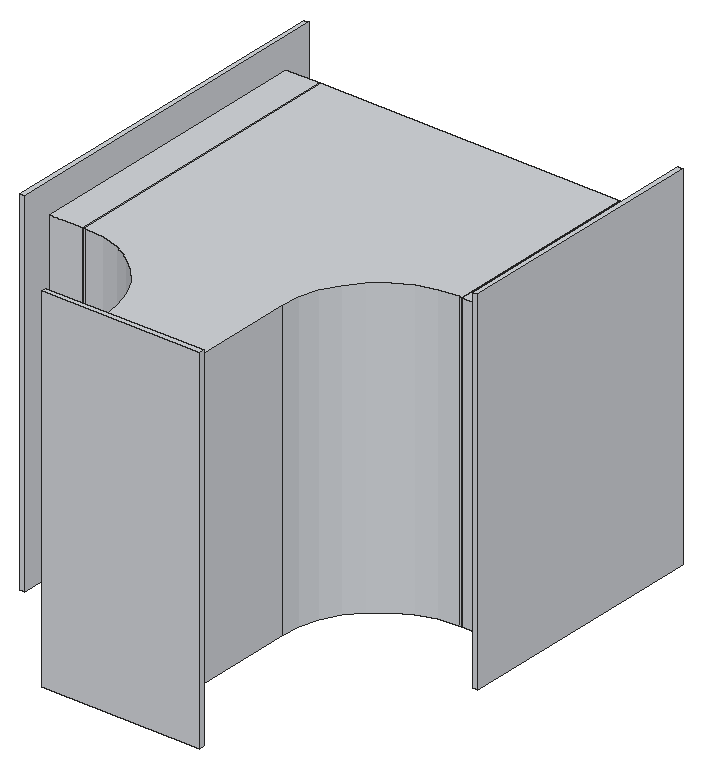
Revit family "RE T-Stück schräg TA - Flansch", category Luftkanalformteile, Revit 2014
Parameters (values of type "Allgemein")
  x2 [instance] = if(not(Min. abdh > 100 mm), 0 mm, if(not(Min. abdh > 125 mm), 25 mm, if(not(Min. abdh > 150 mm), 50 mm, if(not(Min. abdh > 175 mm), 75 mm, if(not(Min. abdh > 200 mm), 100 mm, if(not(Min. abdh > 225 mm), 125 mm, 150 mm))))))  # 0 mm
  x [instance] = 35 mm
  r1 [instance] = if(r = 0 mm, if((0.896 * Min. bdh - 107.1 mm) > 0 mm, 0.896 * Min. bdh - 107.1 mm, 25 mm), r)  # 100 mm
  r [instance] = 100 mm
  m2 [instance] = 2000 mm + m + Versatz 1  # 2125 mm
  m1 [instance] = 2000 mm  # constant formula
  m [instance] = 0 mm
  l2 [instance] = if(l1 > f1 * 2 + h, l1, f1 * 2 + h + 1.6 mm)  # 374.8 mm
  l [instance] = 0 mm
  f2 [instance] = if(f = 0 mm, 0.9222 * Min. bdh - 82.8 mm, f)  # 9.42 mm
  f1 [instance] = if(f2 > r1 + Länge 1, f2, r1 + Länge 1 + 1.6 mm)  # 136.6 mm
  f [instance] = 0 mm
  e4 [instance] = if(e = 0 mm, 0.9222 * Min. bdh - 82.8 mm, e)  # 9.42 mm
  e3 [instance] = r1 + Länge 1 + abs(b - d) + m  # 235 mm
  e2 [instance] = r1 + Länge 1 + m  # 135 mm
  e1 [instance] = if(b > d, if(e4 > e3, e4, e3 + 1.6 mm), if(e4 > e2, e4, e2 + 1.6 mm))  # 236.6 mm
  e [instance] = 0 mm
  Sichtbarkeit 4 [instance] = Versatz 1 > b / 2  # no
  Sichtbarkeit 3 [instance] = not(Versatz 1 > b / 2)  # yes
  Sichtbarkeit 2 [instance] = x1 = 0 mm  # no
  Versatz 1 [instance] = if(b > d, abs((b / 2 - d / 2) / 2 + d / 2 - m / 2), abs((d / 2 - b / 2) / 2 + b / 2 - m / 2))  # 125 mm
  Max. abdh [instance] = if(Max. bdh < a, a, Max. bdh)  # 300 mm
  Länge x3 [instance] = x1 + Flanschstärke  # 40 mm
  l1 [instance] = if(l = 0 mm, Max. abdh, l)  # 300 mm
  h [instance] = 100 mm
  d [instance] = 200 mm
  b [instance] = 300 mm
  a [instance] = 300 mm
  Sichtbarkeit 1 [instance] = not(x1 = 0 mm)  # yes
  Min. dh [instance] = if(d < h, d, h)  # 100 mm
  Min. bh [instance] = if(b < h, b, h)  # 100 mm
  Min. bdh [instance] = if(and(b < d, b < h), b, if(and(d < b, d < h), d, h))  # 100 mm
  Min. abdh [instance] = if(Min. bdh < a, Min. bdh, a)  # 100 mm
  Versatz 2 [instance] = if(b > d, b + f, d + f)  # 300 mm
  Länge 1 [instance] = if(x1 = 0 mm, 10 mm, x1)  # 35 mm
  x1 [instance] = if(x = 0 mm, x2, x)  # 35 mm
  Max. bdh [instance] = if(d12 > h, d12, h)  # 300 mm
  d12 [instance] = if(b > d, b, d)  # 300 mm
  Flansch h [instance] = h + Flanschverlängerung * 2  # 160 mm
  Flansch d [instance] = d + Flanschverlängerung * 2  # 260 mm
  Flansch b [instance] = b + Flanschverlängerung * 2  # 360 mm
  Flansch a [instance] = a + Flanschverlängerung * 2  # 360 mm
  Flanschstärke [instance] = 5 mm
  Flanschverlängerung [instance] = 30 mm
  Assembly Code = ""
Reference planes
  plane 1 "Mitte (vorne/hinten)": y = 0
  plane 2: z = 0
  plane 3 "Mitte (links/rechts)": x = 0
  plane 4: y = 125
  plane 5: x = -50
  plane 6: x = 50
  plane 7: z = 150
  plane 8: z = -150
  plane 9: y = -175
  plane 10: y = -2000
  plane 11: y = -25
  plane 12: x = -186.6
  plane 13: x = -150
  plane 14: x = -191.6
  plane 15: x = -151.6
  plane 16: x = 188.2
  plane 17: x = 193.2
  plane 18: y = 125
  plane 19: y = -275
  plane 20: x = 153.2
  plane 21: y = -75
  plane 22: y = 25
  plane 23: y = -175
  plane 24: x = 150
  plane 25: x = -151.6
  plane 26: x = 153.2
  plane 27: y = -436.7
  plane 28: y = -311.6
  plane 29: y = -316.6
  plane 30: y = -276.6
  plane 31: y = -276.6
  plane 32: y = 155
  plane 33: y = -205
  plane 34: y = 155
  plane 35: y = -105
  plane 36: x = -80
  plane 37: x = 80
Forms (mm)
  Extrusion 1, solid, detail levels medium+fine
    sketch origin (0, 0, 0) x (1, 0, 0) y (0, 1, 0)
      loop
        line (153.2, -75) -> (153.2, 125) -> (-151.6, 125) -> (-151.6, -175) -> (-150, -175)
        arc (-150, -175) -> (-79.289, -204.289) -> (-50, -275) r 100
        line (-50, -275) -> (-50, -276.6) -> (50, -276.6) -> (50, -175)
        arc (50, -175) -> (79.289, -104.289) -> (150, -75) r 100
        line (150, -75) -> (153.2, -75)
    from -150 to 150
  Sweep 2, solid, visible <- "Sichtbarkeit 1", detail levels medium+fine
    path in 3D
      loop
        line (-186.6, -25, 0) -> (-151.6, -25, 0)
    profile "Luftkanal - rechteckig : Luftkanal - rechteckig 1" origin (-169.1, -25, 0) x (0, 1, 0) y (0, 0, 1)
      loop
        line (-150, 150) -> (-150, -150) -> (150, -150) -> (150, 150) -> (-150, 150)
  Sweep 3, solid, visible <- "Sichtbarkeit 1", detail levels medium+fine
    path in 3D
      loop
        line (188.2, 25, 0) -> (153.2, 25, 0)
    profile "Luftkanal - rechteckig : Luftkanal - rechteckig 2" origin (170.7, 25, 0) x (0, -1, 0) y (0, 0, 1)
      loop
        line (-100, 150) -> (-100, -150) -> (100, -150) -> (100, 150) -> (-100, 150)
  Sweep 4, solid, detail levels fine
    path in 3D
      loop
        line (-186.6, -25, 0) -> (-191.6, -25, 0)
    profile "Luftkanal - rechteckig : Luftkanal - Flansch 1" origin (-189.1, -25, 0) x (0, -1, 0) y (0, 0, 1)
      loop
        line (-180, 180) -> (-180, -180) -> (180, -180) -> (180, 180) -> (-180, 180)
  Sweep 5, solid, detail levels fine
    path in 3D
      loop
        line (193.2, 25, 0) -> (188.2, 25, 0)
    profile "Luftkanal - rechteckig : Luftkanal - Flansch 2" origin (190.7, 25, 0) x (0, -1, 0) y (0, 0, 1)
      loop
        line (-130, 180) -> (-130, -180) -> (130, -180) -> (130, 180) -> (-130, 180)
  Sweep 6, solid, visible <- "Sichtbarkeit 1", detail levels medium+fine
    path in 3D
      loop
        line (0, -276.6, 0) -> (0, -311.6, 0)
    profile "Luftkanal - rechteckig : Luftkanal - rechteckig 3" origin (0, -294.1, 0) x (1, 0, 0) y (0, 0, 1)
      loop
        line (-50, 150) -> (-50, -150) -> (50, -150) -> (50, 150) -> (-50, 150)
  Sweep 7, solid, detail levels fine
    path in 3D
      loop
        line (0, -316.6, 0) -> (0, -311.6, 0)
    profile "Luftkanal - rechteckig : Luftkanal - Flansch 3" origin (0, -314.1, 0) x (-1, 0, 0) y (0, 0, 1)
      loop
        line (-80, 180) -> (-80, -180) -> (80, -180) -> (80, 180) -> (-80, 180)
  Sweep 8, solid, detail levels medium
    path in 3D
      loop
        line (0, -316.6, 0) -> (0, -311.6, 0)
    profile "Luftkanal - rechteckig : Luftkanal - rechteckig 3" origin (0, -314.1, 0) x (-1, 0, 0) y (0, 0, 1)
      loop
        line (-50, 150) -> (-50, -150) -> (50, -150) -> (50, 150) -> (-50, 150)
  Sweep 9, solid, detail levels medium
    path in 3D
      loop
        line (-186.6, -25, 0) -> (-191.6, -25, 0)
    profile "Luftkanal - rechteckig : Luftkanal - rechteckig 1" origin (-189.1, -25, 0) x (0, -1, 0) y (0, 0, 1)
      loop
        line (-150, 150) -> (-150, -150) -> (150, -150) -> (150, 150) -> (-150, 150)
  Sweep 10, solid, detail levels medium
    path in 3D
      loop
        line (193.2, 25, 0) -> (188.2, 25, 0)
    profile "Luftkanal - rechteckig : Luftkanal - rechteckig 2" origin (190.7, 25, 0) x (0, -1, 0) y (0, 0, 1)
      loop
        line (-100, 150) -> (-100, -150) -> (100, -150) -> (100, 150) -> (-100, 150)
Lines and regions (mm)
  model lines, not visible, detail levels coarse
    curve 1: line (-186.6, -25, 0) -> (-151.6, -25, 0)
    curve 5: line (-186.6, -25, 0) -> (-191.6, -25, 0)
    curve 9: line (0, -316.6, 0) -> (0, -311.6, 0)
    curve 10: line (0, -276.6, 0) -> (0, -311.6, 0)
  model lines, visible <- "Sichtbarkeit 1", detail levels coarse
    curve 2: line (188.2, 25, 0) -> (153.2, 25, 0)
    curve 13: line (0, 0, 0) -> (153.2, 25, 0)
  sketch lines
    curve 3: line (-186.6, -25, 0) -> (-151.6, -25, 0)
    curve 4: line (188.2, 25, 0) -> (153.2, 25, 0)
    curve 7: line (-186.6, -25, 0) -> (-191.6, -25, 0)
    curve 8: line (193.2, 25, 0) -> (188.2, 25, 0)
    curve 11: line (0, -276.6, 0) -> (0, -311.6, 0)
    curve 12: line (0, -316.6, 0) -> (0, -311.6, 0)
    curve 16: line (0, -316.6, 0) -> (0, -311.6, 0)
    curve 17: line (-186.6, -25, 0) -> (-191.6, -25, 0)
    curve 18: line (193.2, 25, 0) -> (188.2, 25, 0)
  model lines, detail levels coarse
    curve 6: line (193.2, 25, 0) -> (188.2, 25, 0)
    curve 15: line (-191.6, -25, 0) -> (0, -25, 0)
    curve 19: line (-191.6, 155, 0) -> (-191.6, -205, 0)
    curve 20: line (193.2, -105, 0) -> (193.2, 155, 0)
    curve 21: line (-80, -316.6, 0) -> (80, -316.6, 0)
  model lines, visible <- "Sichtbarkeit 2", detail levels coarse
    curve 14: line (0, 0, 0) -> (188.2, 25, 0)
  model lines, visible <- "Sichtbarkeit 3", detail levels coarse
    curve 22: line (0, 0, 0) -> (0, -316.6, 0)
  model lines, visible <- "Sichtbarkeit 4", detail levels coarse
    curve 23: line (0, -25, 0) -> (0, -316.6, 0)
Dimensions and locks
  "Versatz 1": plane 4 to plane 1 "Mitte (vorne/hinten)"
  equal spacing: plane 7, plane 2, plane 8
  "a": plane 7 to plane 8
  "b": plane 4 to plane 9
  "m1": plane 10 to plane 1 "Mitte (vorne/hinten)"
  "f1": plane 12 to plane 5
  "r1": plane 13 to plane 5
  "Flanschstärke": plane 14 to plane 12
  "Länge 1": plane 12 to plane 15
  "l2": plane 12 to plane 16
  "Flanschstärke": plane 16 to plane 17
  equal spacing: plane 4, plane 11, plane 9
  "m2": plane 18 to plane 10
  "r1": plane 9 to plane 19
  "Länge 1": plane 20 to plane 16
  "d": plane 18 to plane 21
  equal spacing: plane 18, plane 22, plane 21
  "r1": plane 21 to plane 23
  "r1": plane 6 to plane 24
  "x1": plane 12 to plane 25
  "x1": plane 26 to plane 16
  "e1": plane 21 to plane 28
  "Flanschstärke": plane 28 to plane 29
  "x1": plane 30 to plane 28
  "Länge 1": plane 31 to plane 28
  "Flansch b": plane 33 to plane 32
  equal spacing: plane 32, plane 11, plane 33
  equal spacing: plane 35, plane 22, plane 34
  "Flansch d": plane 34 to plane 35
  equal spacing: plane 36, plane 3 "Mitte (links/rechts)", plane 37
  "Flansch h": plane 36 to plane 37
  "h": plane 5 to plane 6
  equal spacing: plane 5, plane 3 "Mitte (links/rechts)", plane 6
  "r1": radius of Extrusion 1 sketch curve  (x2)
  aligned and locked: plane 7 to Extrusion 1
  aligned and locked: Extrusion 1 to plane 8
  aligned: plane 16 to Extrusion 1
  aligned and locked: plane 12 to curve 1
  aligned and locked: plane 19 to Extrusion 1 sketch curve
  aligned and locked: plane 13 to Extrusion 1 sketch curve  (x2)
  aligned and locked: plane 20 to curve 2
  aligned and locked: plane 22 to curve 2
  aligned and locked: plane 24 to Extrusion 1 sketch curve
  aligned and locked: plane 23 to Extrusion 1 sketch curve  (x2)
  aligned and locked: Extrusion 1 to plane 25
  aligned and locked: Extrusion 1 sketch curve to plane 26
  aligned and locked: plane 4 to Extrusion 1 sketch curve
  aligned and locked: plane 18 to Extrusion 1 sketch curve
  aligned and locked: plane 25 to Extrusion 1 sketch curve
  aligned and locked: plane 17 to curve 6
  aligned and locked: plane 22 to curve 6
  aligned and locked: curve 1 to plane 11
  aligned and locked: plane 3 "Mitte (links/rechts)" to curve 9
  aligned and locked: plane 31 to curve 10
  aligned and locked: curve 10 to plane 3 "Mitte (links/rechts)"
  aligned and locked: Extrusion 1 to plane 30
  aligned and locked: plane 22 to curve 13
  aligned and locked: plane 16 to curve 14
  aligned and locked: plane 3 "Mitte (links/rechts)" to curve 15
  aligned and locked: plane 14 to curve 15
  aligned and locked: curve 15 to plane 11
  aligned and locked: plane 32 to curve 19
  aligned and locked: plane 33 to curve 19
  aligned and locked: curve 19 to plane 14
  aligned and locked: plane 35 to curve 20
  aligned and locked: plane 34 to curve 20
  aligned and locked: plane 17 to curve 20
  aligned and locked: plane 37 to curve 21
  aligned and locked: plane 36 to curve 21
  aligned and locked: curve 21 to plane 29
  aligned and locked: plane 1 "Mitte (vorne/hinten)" to curve 22
  aligned and locked: curve 22 to plane 3 "Mitte (links/rechts)"
  aligned and locked: plane 29 to curve 23
  aligned and locked: plane 11 to curve 23
  aligned and locked: curve 23 to plane 3 "Mitte (links/rechts)"
Automatic sketch dimensions
  curve 1 to plane 15 = 0 mm
  curve 9 to plane 28 = 0 mm
  plane 28 to Extrusion 1 sketch curve = 35 mm
Connectors
  hvac at (-191.6, -25, 0), driven by "a", driven by "b"
    settings: on Sweep 4, index 1, duct flow 0.0 L/s, flow factor 0, pres drop 0.0 Pa, loss coef 0, conn angle 0.00°, conn width 300 mm, conn height 300 mm, conn diameter 609.6 mm, duct sys type 28, conn prof type 1, flow config 0, flow direction 0, loss method 0, conn ref index 2, conn util no, is conn primary yes, conn desc ""
  hvac at (193.2, 25, 0), driven by "a", driven by "d"
    settings: on Sweep 5, index 2, duct flow 0.0 L/s, flow factor 0, pres drop 0.0 Pa, loss coef 0, conn angle 0.00°, conn width 200 mm, conn height 300 mm, conn diameter 609.6 mm, duct sys type 28, conn prof type 1, flow config 0, flow direction 0, loss method 0, conn ref index 1, conn util no, is conn primary no, conn desc ""
  hvac at (0, -316.6, 0), driven by "a", driven by "h"
    settings: on Sweep 7, index 3, duct flow 0.0 L/s, flow factor 0, pres drop 0.0 Pa, loss coef 0, conn angle 0.00°, conn width 100 mm, conn height 300 mm, conn diameter 609.6 mm, duct sys type 28, conn prof type 1, flow config 0, flow direction 0, loss method 0, conn ref index -1, conn util no, is conn primary no, conn desc ""
